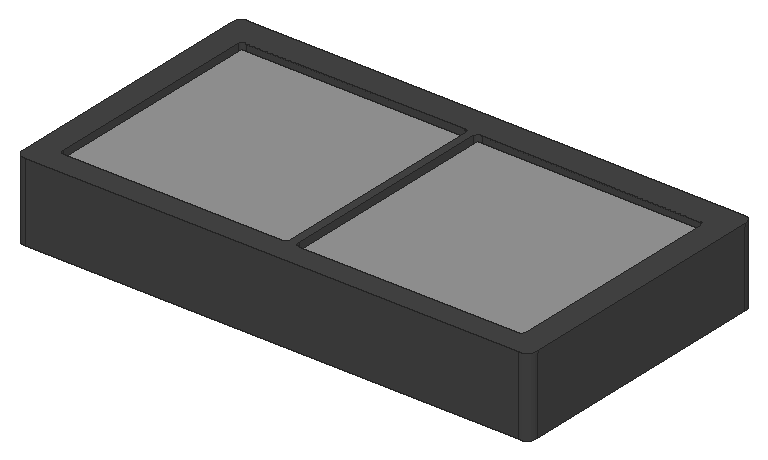
Revit family "ECORASTER Half_Bloxx_with_blocks", category Allgemeines Modell, Revit 2016
Family settings
  Teiletyp = Normal
  Kann Basisbauteil für Bewehrung sein = Nein
  Bemaßung runder Anschluss = Durchmesser verwenden
  Arbeitsebenenbasiert = Nein
  Immer vertikal = Ja
  Beim Laden mit Abzugskörper schneiden = Nein
  Gemeinsam genutzt = Nein
  Raumberechnungspunkt = Nein
Parameters
  block_material = Mat_white
Reference planes
  plane 1 "Center (Front/Back)": y = 0
  plane 2: z = 0
  plane 3 "Center (Left/Right)": x = 0
Forms (mm)
  Extrusion 1, solid, material "Black", detail levels fine
    sketch origin (0, 12.645, 0) x (1, 0, 0) y (0, 1, 0)
      loop
        spline (-158.001, 167.355) -> (-158.915, 167.295) -> (-159.813, 167.117) -> (-160.68, 166.823) -> (-161.501, 166.418) -> (-162.262, 165.909) -> (-162.95, 165.305) -> (-163.554, 164.617) -> (-164.062, 163.856) -> (-164.467, 163.035) -> (-164.762, 162.168) -> (-164.94, 161.27) -> (-165, 160.356)
        line (-165, 160.356) -> (-165, -5.646)
        spline (-165, -5.646) -> (-164.94, -6.559) -> (-164.762, -7.457) -> (-164.467, -8.324) -> (-164.062, -9.145) -> (-163.554, -9.907) -> (-162.95, -10.595) -> (-162.262, -11.198) -> (-161.501, -11.707) -> (-160.68, -12.112) -> (-159.813, -12.406) -> (-158.915, -12.585) -> (-158.001, -12.645)
        line (-158.001, -12.645) -> (158.001, -12.645)
        spline (158.001, -12.645) -> (158.915, -12.585) -> (159.813, -12.406) -> (160.68, -12.112) -> (161.501, -11.707) -> (162.262, -11.198) -> (162.95, -10.595) -> (163.554, -9.907) -> (164.062, -9.145) -> (164.467, -8.324) -> (164.762, -7.457) -> (164.94, -6.559) -> (165, -5.646)
        line (165, -5.646) -> (165, 160.356)
        spline (165, 160.356) -> (164.94, 161.27) -> (164.762, 162.168) -> (164.467, 163.035) -> (164.062, 163.856) -> (163.554, 164.617) -> (162.95, 165.305) -> (162.262, 165.909) -> (161.501, 166.418) -> (160.68, 166.823) -> (159.813, 167.117) -> (158.915, 167.295) -> (158.001, 167.355)
        line (158.001, 167.355) -> (-158.001, 167.355)
      loop
        spline (-145.384, 148.384) -> (-145.776, 148.358) -> (-146.161, 148.282) -> (-146.532, 148.156) -> (-146.884, 147.982) -> (-147.211, 147.764) -> (-147.506, 147.506) -> (-147.764, 147.211) -> (-147.982, 146.884) -> (-148.156, 146.532) -> (-148.282, 146.161) -> (-148.358, 145.776) -> (-148.384, 145.384)
        line (-148.384, 145.384) -> (-148.384, 5.474)
        arc (-148.384, 5.474) -> (-147.505, 3.353) -> (-145.384, 2.474) r 3
        line (-145.384, 2.474) -> (-5.474, 2.474)
        arc (-5.474, 2.474) -> (-3.353, 3.353) -> (-2.474, 5.474) r 3
        line (-2.474, 5.474) -> (-2.474, 145.384)
        arc (-2.474, 145.384) -> (-3.353, 147.505) -> (-5.474, 148.384) r 3
        line (-5.474, 148.384) -> (-145.384, 148.384)
      loop
        line (145.384, 148.384) -> (5.474, 148.384)
        arc (5.474, 148.384) -> (3.353, 147.505) -> (2.474, 145.384) r 3
        line (2.474, 145.384) -> (2.474, 5.474)
        arc (2.474, 5.474) -> (3.353, 3.353) -> (5.474, 2.474) r 3
        line (5.474, 2.474) -> (145.384, 2.474)
        arc (145.384, 2.474) -> (147.505, 3.353) -> (148.384, 5.474) r 3
        line (148.384, 5.474) -> (148.384, 145.384)
        spline (148.384, 145.384) -> (148.358, 145.776) -> (148.282, 146.161) -> (148.156, 146.532) -> (147.982, 146.884) -> (147.764, 147.211) -> (147.506, 147.506) -> (147.211, 147.764) -> (146.884, 147.982) -> (146.532, 148.156) -> (146.161, 148.282) -> (145.776, 148.358) -> (145.384, 148.384)
    from 0 to 50
  Extrusion 2, solid, material "Black", detail levels fine
    sketch origin (0, 12.645, 0) x (1, 0, 0) y (0, 1, 0)
      loop
        arc (-54.55, 109.477) -> (-50.722, 108.655) -> (-47.202, 110.369) r 6
        line (-47.202, 110.369) -> (-30.523, 127.048)
        spline (-30.523, 127.048) -> (-30.081, 127.584) -> (-29.752, 128.191) -> (-29.548, 128.848) -> (-29.476, 129.529) -> (-29.54, 130.209) -> (-29.736, 130.861) -> (-30.058, 131.461) -> (-30.494, 131.986) -> (-31.026, 132.417) -> (-31.635, 132.737) -> (-32.297, 132.934) -> (-32.989, 133)
        line (-32.989, 133) -> (-117.511, 133)
        spline (-117.511, 133) -> (-118.203, 132.934) -> (-118.865, 132.737) -> (-119.474, 132.417) -> (-120.006, 131.986) -> (-120.442, 131.461) -> (-120.764, 130.861) -> (-120.96, 130.209) -> (-121.024, 129.529) -> (-120.952, 128.848) -> (-120.748, 128.191) -> (-120.419, 127.584) -> (-119.977, 127.048)
        line (-119.977, 127.048) -> (-103.298, 110.369)
        arc (-103.298, 110.369) -> (-99.778, 108.655) -> (-95.95, 109.477) r 6
        arc (-95.95, 109.477) -> (-75.25, 115.25) -> (-54.55, 109.477) r 40
      loop
        spline (-127.048, 119.977) -> (-127.584, 120.419) -> (-128.191, 120.748) -> (-128.848, 120.952) -> (-129.529, 121.024) -> (-130.209, 120.96) -> (-130.861, 120.764) -> (-131.461, 120.442) -> (-131.986, 120.006) -> (-132.417, 119.474) -> (-132.737, 118.865) -> (-132.934, 118.203) -> (-133, 117.511)
        line (-133, 117.511) -> (-133, 32.989)
        spline (-133, 32.989) -> (-132.934, 32.297) -> (-132.737, 31.635) -> (-132.417, 31.026) -> (-131.986, 30.494) -> (-131.461, 30.058) -> (-130.861, 29.736) -> (-130.209, 29.54) -> (-129.529, 29.476) -> (-128.848, 29.548) -> (-128.191, 29.752) -> (-127.584, 30.081) -> (-127.048, 30.523)
        line (-127.048, 30.523) -> (-110.369, 47.202)
        arc (-110.369, 47.202) -> (-108.655, 50.722) -> (-109.477, 54.55) r 6
        arc (-109.477, 54.55) -> (-115.25, 75.25) -> (-109.477, 95.95) r 40
        arc (-109.477, 95.95) -> (-108.655, 99.778) -> (-110.369, 103.298) r 6
        line (-110.369, 103.298) -> (-127.048, 119.977)
      loop
        circle (-75.25, 75.25) r 30
      loop
        spline (-119.977, 23.452) -> (-120.419, 22.916) -> (-120.748, 22.309) -> (-120.952, 21.652) -> (-121.024, 20.971) -> (-120.96, 20.291) -> (-120.764, 19.639) -> (-120.442, 19.039) -> (-120.006, 18.514) -> (-119.474, 18.083) -> (-118.865, 17.763) -> (-118.203, 17.566) -> (-117.511, 17.5)
        line (-117.511, 17.5) -> (-32.989, 17.5)
        spline (-32.989, 17.5) -> (-32.297, 17.566) -> (-31.635, 17.763) -> (-31.026, 18.083) -> (-30.494, 18.514) -> (-30.058, 19.039) -> (-29.736, 19.639) -> (-29.54, 20.291) -> (-29.476, 20.971) -> (-29.548, 21.652) -> (-29.752, 22.309) -> (-30.081, 22.916) -> (-30.523, 23.452)
        line (-30.523, 23.452) -> (-47.202, 40.131)
        arc (-47.202, 40.131) -> (-50.722, 41.845) -> (-54.55, 41.023) r 6
        arc (-54.55, 41.023) -> (-75.25, 35.25) -> (-95.95, 41.023) r 40
        arc (-95.95, 41.023) -> (-99.778, 41.845) -> (-103.298, 40.131) r 6
        line (-103.298, 40.131) -> (-119.977, 23.452)
      loop
        spline (-17.5, 117.511) -> (-17.566, 118.203) -> (-17.763, 118.865) -> (-18.083, 119.474) -> (-18.514, 120.006) -> (-19.039, 120.442) -> (-19.639, 120.764) -> (-20.291, 120.96) -> (-20.971, 121.024) -> (-21.652, 120.952) -> (-22.309, 120.748) -> (-22.916, 120.419) -> (-23.452, 119.977)
        line (-23.452, 119.977) -> (-40.131, 103.298)
        arc (-40.131, 103.298) -> (-41.845, 99.778) -> (-41.023, 95.95) r 6
        arc (-41.023, 95.95) -> (-35.25, 75.25) -> (-41.023, 54.55) r 40
        arc (-41.023, 54.55) -> (-41.845, 50.722) -> (-40.131, 47.202) r 6
        line (-40.131, 47.202) -> (-23.452, 30.523)
        spline (-23.452, 30.523) -> (-22.916, 30.081) -> (-22.309, 29.752) -> (-21.652, 29.548) -> (-20.971, 29.476) -> (-20.291, 29.54) -> (-19.639, 29.736) -> (-19.039, 30.058) -> (-18.514, 30.494) -> (-18.083, 31.026) -> (-17.763, 31.635) -> (-17.566, 32.297) -> (-17.5, 32.989)
        line (-17.5, 32.989) -> (-17.5, 117.511)
      loop
        spline (-145.384, 148.384) -> (-145.776, 148.358) -> (-146.161, 148.282) -> (-146.532, 148.156) -> (-146.884, 147.982) -> (-147.211, 147.764) -> (-147.506, 147.506) -> (-147.764, 147.211) -> (-147.982, 146.884) -> (-148.156, 146.532) -> (-148.282, 146.161) -> (-148.358, 145.776) -> (-148.384, 145.384)
        line (-148.384, 145.384) -> (-148.384, 5.474)
        arc (-148.384, 5.474) -> (-147.505, 3.353) -> (-145.384, 2.474) r 3
        line (-145.384, 2.474) -> (-5.474, 2.474)
        arc (-5.474, 2.474) -> (-3.353, 3.353) -> (-2.474, 5.474) r 3
        line (-2.474, 5.474) -> (-2.474, 145.384)
        arc (-2.474, 145.384) -> (-3.353, 147.505) -> (-5.474, 148.384) r 3
        line (-5.474, 148.384) -> (-145.384, 148.384)
      loop
        arc (54.55, 109.477) -> (75.25, 115.25) -> (95.95, 109.477) r 40
        arc (95.95, 109.477) -> (99.778, 108.655) -> (103.298, 110.369) r 6
        line (103.298, 110.369) -> (119.977, 127.048)
        spline (119.977, 127.048) -> (120.419, 127.584) -> (120.748, 128.191) -> (120.952, 128.848) -> (121.024, 129.529) -> (120.96, 130.209) -> (120.764, 130.861) -> (120.442, 131.461) -> (120.006, 131.986) -> (119.474, 132.417) -> (118.865, 132.737) -> (118.203, 132.934) -> (117.511, 133)
        line (117.511, 133) -> (32.989, 133)
        spline (32.989, 133) -> (32.297, 132.934) -> (31.635, 132.737) -> (31.026, 132.417) -> (30.494, 131.986) -> (30.058, 131.461) -> (29.736, 130.861) -> (29.54, 130.209) -> (29.476, 129.529) -> (29.548, 128.848) -> (29.752, 128.191) -> (30.081, 127.584) -> (30.523, 127.048)
        line (30.523, 127.048) -> (47.202, 110.369)
        arc (47.202, 110.369) -> (50.722, 108.655) -> (54.55, 109.477) r 6
      loop
        line (127.048, 119.977) -> (110.369, 103.298)
        arc (110.369, 103.298) -> (108.655, 99.778) -> (109.477, 95.95) r 6
        arc (109.477, 95.95) -> (115.25, 75.25) -> (109.477, 54.55) r 40
        arc (109.477, 54.55) -> (108.655, 50.722) -> (110.369, 47.202) r 6
        line (110.369, 47.202) -> (127.048, 30.523)
        spline (127.048, 30.523) -> (127.584, 30.081) -> (128.191, 29.752) -> (128.848, 29.548) -> (129.529, 29.476) -> (130.209, 29.54) -> (130.861, 29.736) -> (131.461, 30.058) -> (131.986, 30.494) -> (132.417, 31.026) -> (132.737, 31.635) -> (132.934, 32.297) -> (133, 32.989)
        line (133, 32.989) -> (133, 117.511)
        spline (133, 117.511) -> (132.934, 118.203) -> (132.737, 118.865) -> (132.417, 119.474) -> (131.986, 120.006) -> (131.461, 120.442) -> (130.861, 120.764) -> (130.209, 120.96) -> (129.529, 121.024) -> (128.848, 120.952) -> (128.191, 120.748) -> (127.584, 120.419) -> (127.048, 119.977)
      loop
        circle (75.25, 75.25) r 30
      loop
        line (119.977, 23.452) -> (103.298, 40.131)
        arc (103.298, 40.131) -> (99.778, 41.845) -> (95.95, 41.023) r 6
        arc (95.95, 41.023) -> (75.25, 35.25) -> (54.55, 41.023) r 40
        arc (54.55, 41.023) -> (50.722, 41.845) -> (47.202, 40.131) r 6
        line (47.202, 40.131) -> (30.523, 23.452)
        spline (30.523, 23.452) -> (30.081, 22.916) -> (29.752, 22.309) -> (29.548, 21.652) -> (29.476, 20.971) -> (29.54, 20.291) -> (29.736, 19.639) -> (30.058, 19.039) -> (30.494, 18.514) -> (31.026, 18.083) -> (31.635, 17.763) -> (32.297, 17.566) -> (32.989, 17.5)
        line (32.989, 17.5) -> (117.511, 17.5)
        spline (117.511, 17.5) -> (118.203, 17.566) -> (118.865, 17.763) -> (119.474, 18.083) -> (120.006, 18.514) -> (120.442, 19.039) -> (120.764, 19.639) -> (120.96, 20.291) -> (121.024, 20.971) -> (120.952, 21.652) -> (120.748, 22.309) -> (120.419, 22.916) -> (119.977, 23.452)
      loop
        line (17.5, 117.511) -> (17.5, 32.989)
        spline (17.5, 32.989) -> (17.566, 32.297) -> (17.763, 31.635) -> (18.083, 31.026) -> (18.514, 30.494) -> (19.039, 30.058) -> (19.639, 29.736) -> (20.291, 29.54) -> (20.971, 29.476) -> (21.652, 29.548) -> (22.309, 29.752) -> (22.916, 30.081) -> (23.452, 30.523)
        line (23.452, 30.523) -> (40.131, 47.202)
        arc (40.131, 47.202) -> (41.845, 50.722) -> (41.023, 54.55) r 6
        arc (41.023, 54.55) -> (35.25, 75.25) -> (41.023, 95.95) r 40
        arc (41.023, 95.95) -> (41.845, 99.778) -> (40.131, 103.298) r 6
        line (40.131, 103.298) -> (23.452, 119.977)
        spline (23.452, 119.977) -> (22.916, 120.419) -> (22.309, 120.748) -> (21.652, 120.952) -> (20.971, 121.024) -> (20.291, 120.96) -> (19.639, 120.764) -> (19.039, 120.442) -> (18.514, 120.006) -> (18.083, 119.474) -> (17.763, 118.865) -> (17.566, 118.203) -> (17.5, 117.511)
      loop
        line (145.384, 148.384) -> (5.474, 148.384)
        arc (5.474, 148.384) -> (3.353, 147.505) -> (2.474, 145.384) r 3
        line (2.474, 145.384) -> (2.474, 5.474)
        arc (2.474, 5.474) -> (3.353, 3.353) -> (5.474, 2.474) r 3
        line (5.474, 2.474) -> (145.384, 2.474)
        arc (145.384, 2.474) -> (147.505, 3.353) -> (148.384, 5.474) r 3
        line (148.384, 5.474) -> (148.384, 145.384)
        spline (148.384, 145.384) -> (148.358, 145.776) -> (148.282, 146.161) -> (148.156, 146.532) -> (147.982, 146.884) -> (147.764, 147.211) -> (147.506, 147.506) -> (147.211, 147.764) -> (146.884, 147.982) -> (146.532, 148.156) -> (146.161, 148.282) -> (145.776, 148.358) -> (145.384, 148.384)
    from 0 to 2
  Extrusion 3, solid, material "Black", detail levels coarse+medium
    sketch origin (60.454, -345.242, 0) x (1, 0, 0) y (0, 1, 0)
      loop
        line (-225.454, 525.242) -> (-225.454, 345.242) -> (104.546, 345.242) -> (104.546, 525.242) -> (-225.454, 525.242)
    from 0 to 50
  Extrusion 4, solid, material "Mat_white" <- "block_material", detail levels fine
    sketch origin (343.297, -169.339, 2) x (1, 0, 0) y (0, 1, 0)
      loop
        line (-489.726, 328.413) -> (-489.726, 186.413) -> (-347.726, 186.413) -> (-347.726, 328.413) -> (-489.726, 328.413)
    from 0 to 45
  Extrusion 5, solid, material "Mat_white" <- "block_material", detail levels fine
    sketch origin (494.155, -169.339, 2) x (1, 0, 0) y (0, 1, 0)
      loop
        line (-489.726, 328.413) -> (-489.726, 186.413) -> (-347.726, 186.413) -> (-347.726, 328.413) -> (-489.726, 328.413)
    from 0 to 45
